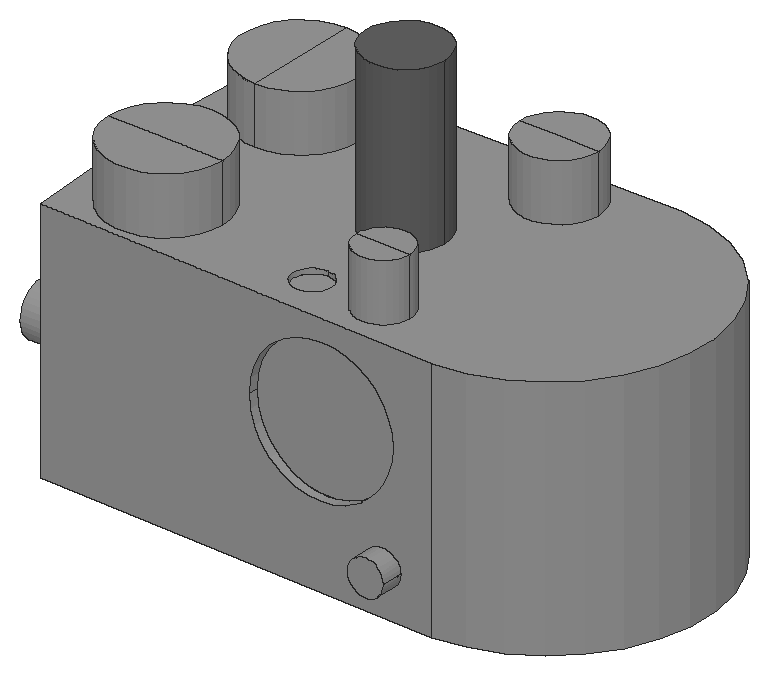
Revit family "BIM_Model_Sanimat_1000_50_D", category Mechanical Equipment, Revit 2018
Family settings
  Round Connector Dimension = Use Radius
  Part Type = Normal
  Work Plane-Based = No
  Always vertical = Yes
  Cut with Voids When Loaded = No
  Shared = No
  Room Calculation Point = No
Parameters (values of type "Sanimat 1000 D")
  Weight (Kg) = "55"
  Volute = Polyethylene
  Vent/Inflow DN 70 = 70 mm / 2  # 35 mm
  Tank Material = Polyethylene
  Speed (r/min) = 1450
  Rotor Shaft = Stainless steel 1.4021 (AISI 420)
  Rated Voltage (V) = "400 3~"
  Rated Current (A) = "3.5"
  Product Specification Link = "http://www.sulzer.com/en/Products-and-Services/Pumps-and-Systems/Lifting-Stations/Lifting-Stations-Wastewater-with-toilet-waste/Lifting-Station-Type-ABS-Sanimat-1000"
  Motor Power (kW) = "P1=1.77 P2=1.40"
  Motor Housing = Cast Iron EN-GJL-250
  Model = "Lifting Station Type ABS Sanimat 1000"
  Manufacturer = "Sulzer"
  Inflow/Hand Membrane Pump DN 40 = 40 mm / 2  # 20 mm
  Inflow DN 70 = 70 mm / 2  # 35 mm
  Inflow DN 150 = 150 mm / 2  # 75 mm
  Inflow DN 100 (with blanking plate fitted) = 100 mm / 2  # 50 mm
  Inflow DN 100 (with adaptor fitted) = 100 mm / 2  # 50 mm
  Inflow DN 100 = 100 mm / 2  # 50 mm
  Impeller = Cast Iron EN-GJL-250
  Head (m) = 9 mm
  Flexible Connector = 100 mm / 2  # 50 mm
  Discharge Flange DN 80 = 80 mm / 2  # 40 mm
  Discharge Connection = "Sleeve 4'' DN 100"
  Description = "Flood-Proof, Single Lifting Station, for the removal of wastewater and sewage from areas below the sewer level in accordance with EN12050-1"
  DN 100 Inflow Adapter = 100 mm / 2  # 50 mm
  Capacity (m3/hr) = 56.00 m³
  Cable Length (m) = "4 + 1.5"
  Assembly Code = ""
Reference planes
  plane 1 "Center (Front/Back)": y = 0
  plane 2: z = 0
  plane 3 "Center (Left/Right)": x = 0
  plane 4: z = 423
  plane 5: z = 188
  plane 6: z = 194
  plane 7: z = 295
  plane 8: y = -118
  plane 9: y = -154.114
  plane 10: y = 154.114
  plane 11: y = -210
  plane 12: y = 250
  plane 13: y = -250
  plane 14: y = 210
  plane 15: y = 160
  plane 16: x = -240.961
  plane 17: z = 207
  plane 18: z = 255
  plane 19: z = 343
  plane 20: x = -7
  plane 21: y = -175
  plane 22: z = 572.5
Forms (mm)
  Extrusion 1, solid, material "Polyethylene" <- "Tank Material"
    sketch origin (0, 0, 0) x (1, 0, 0) y (0, 1, 0)
      loop
        arc (211.285, -218.181) -> (418.472, 0) -> (211.285, 218.181) r 218.472
        arc (211.285, 218.181) -> (-67.049, 222.368) -> (-344.942, 206.168) r 3800
        arc (-344.942, 206.168) -> (-358.28, 0) -> (-344.942, -206.168) r 1600
        arc (-344.942, -206.168) -> (-67.049, -222.368) -> (211.285, -218.181) r 3800
    from 0 to 343
  Revolve 2, solid, material "Polyethylene" <- "Tank Material"
    sketch origin (-499.103, -118, 1200) x (-1, 0, 0) y (0, 0, 1)
      loop
        line (-178.142, -905) -> (-178.142, -777) -> (-258.142, -777) -> (-258.142, -905) -> (-178.142, -905)
      axis (-258.142, -905) -> (-258.142, -777)
    angle from 0 to 360
  Revolve 3, solid, material "Polyethylene" <- "Tank Material"
    sketch origin (-511.103, -154.114, 1200) x (-1, 0, 0) y (0, 0, 1)
      loop
        line (-603.142, -777) -> (-603.142, -864.029) -> (-565.642, -864.029) -> (-565.642, -777) -> (-603.142, -777)
      axis (-603.142, -864.029) -> (-603.142, -777)
    angle from 0 to 360
  Revolve 4, solid, material "Polyethylene" <- "Tank Material"
    sketch origin (-496.103, 154.114, 1200) x (-1, 0, 0) y (0, 0, 1)
      loop
        line (-643.142, -777) -> (-643.142, -866.075) -> (-588.142, -866.075) -> (-588.142, -777) -> (-643.142, -777)
      axis (-588.142, -866.075) -> (-588.142, -777)
    angle from 0 to 360
  Extrusion 5, void
    sketch origin (-460.529, -210, 1200) x (1, 0, 0) y (0, 0, 1)
      loop
        circle (520.288, -980) r 100
    from 0 to 58.053
  Extrusion 6, solid, material "Polyethylene" <- "Tank Material"
    sketch origin (0, 0, 0) x (1, 0, 0) y (0, 0, 1)
      loop
        circle (144.039, 65) r 25
    from -250 to 250
  Extrusion 7, void
    sketch origin (-634.349, 210, 1200) x (1, 0, 0) y (0, 0, 1)
      loop
        circle (694.108, -980) r 100
    from 0 to -40
  Revolve 8, solid, material "Polyethylene" <- "Tank Material"
    sketch origin (0, 160, 460.228) x (0, 0, 1) y (-1, 0, 0)
      loop
        line (-242.728, 314) -> (-242.728, 380.961) -> (-280.228, 380.961) -> (-280.228, 314) -> (-242.728, 314)
      axis (-280.228, 380.961) -> (-280.228, 314)
    angle from 0 to 360
  Revolve 9, solid, material "Polyethylene" <- "Tank Material"
    sketch origin (0, -160, 460.228) x (0, 0, 1) y (1, 0, 0)
      loop
        line (-242.728, -314) -> (-280.228, -314) -> (-280.228, -380.961) -> (-242.728, -380.961) -> (-242.728, -314)
      axis (-280.228, -380.961) -> (-280.228, -314)
    angle from 0 to 360
  Revolve 10, solid, material "Polyethylene" <- "Tank Material"
    sketch origin (-240.961, 252.832, 1200) x (0, 1, 0) y (0, 0, 1)
      loop
        line (-134.832, -898) -> (-134.832, -777.313) -> (-214.832, -777.313) -> (-214.832, -898) -> (-134.832, -898)
      axis (-134.832, -898) -> (-134.832, -777.313)
    angle from 0 to 360
  Extrusion 11, solid, material "Connection Material"
    sketch origin (0, 0, 0) x (1, 0, 0) y (0, 1, 0)
      loop
        circle (0, 0) r 55
    from 343 to 572.5
  Extrusion 12, void
    sketch origin (-434.251, -1524, 343) x (0, -1, 0) y (-1, 0, 0)
      loop
        circle (-1369.886, -427.251) r 27
    from 0 to 7.029
Cuts and joins
  Extrusion 5, Extrusion 7, Extrusion 12 cuts Extrusion 1
  Extrusion 12 cuts Revolve 2
  Extrusion 12 cuts Revolve 3
  Extrusion 12 cuts Revolve 4
  Extrusion 12 cuts Extrusion 6
  Extrusion 12 cuts Revolve 8
  Extrusion 12 cuts Revolve 9
  Extrusion 12 cuts Revolve 10
  joined: Extrusion 1, Revolve 2, Revolve 3, Revolve 4, Extrusion 6, Revolve 8, Revolve 9, Revolve 10
Dimensions and locks
  plane 4 to level = 423 mm
  plane 5 to plane 2 = 188 mm
  plane 6 to plane 5 = 6 mm
  plane 7 to plane 2 = 295 mm
  plane 11 to plane 1 "Center (Front/Back)" = 210 mm
  equal spacing: plane 12, plane 1 "Center (Front/Back)", plane 13
  plane 12 to plane 13 = 500 mm
  plane 14 to plane 1 "Center (Front/Back)" = 210 mm
  plane 17 to plane 6 = 13 mm
  plane 2 to plane 18 = 255 mm
  plane 19 to plane 2 = 343 mm
  plane 20 to plane 3 "Center (Left/Right)" = 7 mm
  plane 21 to plane 1 "Center (Front/Back)" = 175 mm
  locked: plane 22 to plane 2 at 572.5
  aligned and locked: level to plane 2
  aligned and locked: Revolve 2 sketch curve to plane 4
  aligned and locked: plane 12 to Extrusion 6
  aligned and locked: Extrusion 6 to plane 13
  aligned and locked: plane 22 to Extrusion 11
  aligned: Extrusion 11 to level
  aligned and locked: Extrusion 11 to Extrusion 1
  aligned and locked: Extrusion 12 to Revolve 3
  aligned and locked: plane 19 to Extrusion 1
Automatic sketch dimensions
  Revolve 2 sketch curve to plane 4 = 0 mm
  Revolve 2 sketch curve to plane 16 = 0 mm  (x2)
  Revolve 2 sketch curve to plane 7 = 0 mm
  Revolve 2 sketch curve to Revolve 2 sketch curve = 30 mm
  Revolve 3 sketch curve to plane 4 = 0 mm  (x2)
  plane 3 "Center (Left/Right)" to Revolve 3 sketch curve = 92.039 mm
  Revolve 3 sketch curve to Revolve 3 sketch curve = 0 mm
  Revolve 3 sketch curve to Revolve 3 sketch curve = 37.5 mm
  plane 7 to Revolve 3 sketch curve = 40.971 mm
  Revolve 3 sketch curve to Revolve 3 sketch curve = 25 mm
  Revolve 4 sketch curve to plane 4 = 0 mm  (x2)
  plane 7 to Revolve 4 sketch curve = 38.925 mm
  plane 3 "Center (Left/Right)" to Revolve 4 sketch curve = 147.039 mm
  Revolve 4 sketch curve to Revolve 4 sketch curve = 55 mm
  Revolve 4 sketch curve to Revolve 4 sketch curve = 0 mm
  Revolve 4 sketch curve to Revolve 4 sketch curve = 35 mm
  plane 6 to Extrusion 5 sketch curve = 26 mm
  plane 3 "Center (Left/Right)" to Extrusion 5 sketch curve = 59.759 mm
  level to Extrusion 6 sketch curve = 65 mm
  plane 3 "Center (Left/Right)" to Extrusion 6 sketch curve = 144.039 mm
  plane 6 to Extrusion 7 sketch curve = 26 mm
  plane 3 "Center (Left/Right)" to Extrusion 7 sketch curve = 59.759 mm
  Revolve 8 sketch curve to plane 5 = 8 mm  (x2)
  Revolve 9 sketch curve to plane 5 = 8 mm  (x2)
  Revolve 9 sketch curve to Revolve 9 sketch curve = 66.961 mm
  Revolve 9 sketch curve to Revolve 9 sketch curve = 32.216 mm
  plane 7 to Revolve 10 sketch curve = 7 mm
  Revolve 10 sketch curve to plane 1 "Center (Front/Back)" = 38 mm
  Revolve 10 sketch curve to Revolve 10 sketch curve = 0 mm
  Revolve 10 sketch curve to plane 10 = 36.114 mm
  Revolve 10 sketch curve to Revolve 10 sketch curve = 1.313 mm
  Revolve 10 sketch curve to Revolve 10 sketch curve = 31.313 mm
  plane 17 to Revolve 9 sketch curve = 10.5 mm
  plane 17 to Revolve 8 sketch curve = 10.5 mm
  plane 19 to Revolve 10 sketch curve = 79.687 mm
  Revolve 2 sketch curve to plane 16 = 80 mm
  Revolve 8 sketch curve to plane 16 = 40.823 mm
  Revolve 8 sketch curve to Revolve 8 sketch curve = 0 mm
  Revolve 9 sketch curve to plane 16 = 140 mm
  Revolve 9 sketch curve to Revolve 9 sketch curve = 0 mm
  plane 1 "Center (Front/Back)" to Extrusion 11 sketch curve = 0 mm
  Extrusion 11 sketch curve to plane 3 "Center (Left/Right)" = 0 mm
  plane 1 "Center (Front/Back)" to Extrusion 1 sketch curve = 0 mm  (x2)
  plane 11 to Extrusion 1 sketch curve = 3.832 mm
  Extrusion 1 sketch curve to plane 14 = 3.832 mm
  Extrusion 1 sketch curve to plane 16 = 103.981 mm
  plane 3 "Center (Left/Right)" to Extrusion 1 sketch curve = 15 mm  (x2)
  plane 3 "Center (Left/Right)" to Extrusion 1 sketch curve = 200 mm
  Extrusion 1 sketch curve to plane 1 "Center (Front/Back)" = 218.181 mm
  Extrusion 1 sketch curve to plane 11 = 8.181 mm
  Extrusion 1 sketch curve to Extrusion 1 sketch curve = 0 mm
  Extrusion 1 sketch curve to Extrusion 1 sketch curve = 1041.72 mm
  Extrusion 12 sketch curve to plane 9 = 0 mm
  Extrusion 12 sketch curve to plane 20 = 0 mm
  Revolve 8 sketch curve to Revolve 8 sketch curve = 32.216 mm
  Revolve 8 sketch curve to Revolve 8 sketch curve = 66.961 mm
  radius of Extrusion 5 sketch curve = 100 mm
  radius of Extrusion 6 sketch curve = 25 mm
  radius of Extrusion 7 sketch curve = 100 mm
  radius of Extrusion 11 sketch curve = 55 mm
  radius of Extrusion 12 sketch curve = 27 mm
Connectors
  piping at (0, 0, 572.5), diameter 100, driven by "Flexible Connector"
    settings: on Extrusion 11, index 1, connector inside diameter 100 mm, connector length 0 mm, flow factor 0, pipe flow 0.0 L/s, pressure drop 0.0 Pa, fitting loss kfactor 0, connector angle 0.00°, fixture units 0, engagement length 0 mm, angle of deflection 0.00°, flow configuration 0, flow direction 0, fitting loss method 0, system type 29, joint type 0, gender type 0, connector reference index -1, connector utility 0, adjustable connector no, is connector primary yes, connector description "Flexible Connector"
  piping at (59.759, 210, 220), diameter 100, driven by "Inflow DN 100 (with adaptor fitted)"
    settings: on cut or joined group 1 (Extrusion 1, Revolve 2, Revolve 3, Revolve 4, Extrusion 5, Extrusion 6, Extrusion 7, Revolve 8, Revolve 9, Revolve 10, Extrusion 12), index 5, connector inside diameter 100 mm, connector length 0 mm, flow factor 0, pipe flow 0.0 L/s, pressure drop 0.0 Pa, fitting loss kfactor 0, connector angle 0.00°, fixture units 0, engagement length 0 mm, angle of deflection 0.00°, flow configuration 0, flow direction 0, fitting loss method 0, system type 29, joint type 0, gender type 0, connector reference index -1, connector utility 0, adjustable connector no, is connector primary no, connector description "Inflow DN 100\r\n(with adaptor fitted)"
  piping at (59.759, -210, 220), diameter 100, driven by "Inflow DN 100 (with blanking plate fitted)"
    settings: on cut or joined group 1, index 6, connector inside diameter 100 mm, connector length 0 mm, flow factor 0, pipe flow 0.0 L/s, pressure drop 0.0 Pa, fitting loss kfactor 0, connector angle 0.00°, fixture units 0, engagement length 0 mm, angle of deflection 0.00°, flow configuration 0, flow direction 0, fitting loss method 0, system type 29, joint type 0, gender type 0, connector reference index -1, connector utility 0, adjustable connector no, is connector primary no, connector description "Inflow DN 100\r\n(with blanking plate fitted)"
  piping at (-7, -154.114, 335.971), diameter 40, driven by "Inflow/Hand Membrane Pump DN 40"
    settings: on cut or joined group 1, index 7, connector inside diameter 40 mm, connector length 0 mm, flow factor 0, pipe flow 0.0 L/s, pressure drop 0.0 Pa, fitting loss kfactor 0, connector angle 0.00°, fixture units 0, engagement length 0 mm, angle of deflection 0.00°, flow configuration 0, flow direction 0, fitting loss method 0, system type 29, joint type 0, gender type 0, connector reference index -1, connector utility 0, adjustable connector no, is connector primary no, connector description "Inflow/Hand Membrane Pump DN 40"
  piping at (92.039, -154.114, 423), diameter 70, driven by "Vent/Inflow DN 70"
    settings: on cut or joined group 1, index 8, connector inside diameter 70 mm, connector length 0 mm, flow factor 0, pipe flow 0.0 L/s, pressure drop 0.0 Pa, fitting loss kfactor 0, connector angle 0.00°, fixture units 0, engagement length 0 mm, angle of deflection 0.00°, flow configuration 0, flow direction 0, fitting loss method 0, system type 29, joint type 0, gender type 0, connector reference index -1, connector utility 0, adjustable connector no, is connector primary no, connector description "Vent/Inflow DN 70"
  piping at (-240.961, -118, 423), diameter 150, driven by "Inflow DN 150"
    settings: on cut or joined group 1, index 9, connector inside diameter 150 mm, connector length 0 mm, flow factor 0, pipe flow 0.0 L/s, pressure drop 0.0 Pa, fitting loss kfactor 0, connector angle 0.00°, fixture units 0, engagement length 0 mm, angle of deflection 0.00°, flow configuration 0, flow direction 0, fitting loss method 0, system type 29, joint type 0, gender type 0, connector reference index -1, connector utility 0, adjustable connector no, is connector primary no, connector description "Inflow DN 150"
  piping at (92.039, 154.114, 423), diameter 100, driven by "Inflow DN 100"
    settings: on cut or joined group 1, index 10, connector inside diameter 100 mm, connector length 0 mm, flow factor 0, pipe flow 0.0 L/s, pressure drop 0.0 Pa, fitting loss kfactor 0, connector angle 0.00°, fixture units 0, engagement length 0 mm, angle of deflection 0.00°, flow configuration 0, flow direction 0, fitting loss method 0, system type 29, joint type 0, gender type 0, connector reference index -1, connector utility 0, adjustable connector no, is connector primary no, connector description "Inflow DN 100"
  piping at (-380.961, 160, 180), diameter 70, driven by "Inflow DN 70"
    settings: on cut or joined group 1, index 11, connector inside diameter 70 mm, connector length 0 mm, flow factor 0, pipe flow 0.0 L/s, pressure drop 0.0 Pa, fitting loss kfactor 0, connector angle 0.00°, fixture units 0, engagement length 0 mm, angle of deflection 0.00°, flow configuration 0, flow direction 0, fitting loss method 0, system type 29, joint type 0, gender type 0, connector reference index -1, connector utility 0, adjustable connector no, is connector primary no, connector description "Inflow DN 70"
  piping at (-380.961, -160, 180), diameter 70, driven by "Inflow DN 70"
    settings: on cut or joined group 1, index 12, connector inside diameter 70 mm, connector length 0 mm, flow factor 0, pipe flow 0.0 L/s, pressure drop 0.0 Pa, fitting loss kfactor 0, connector angle 0.00°, fixture units 0, engagement length 0 mm, angle of deflection 0.00°, flow configuration 0, flow direction 0, fitting loss method 0, system type 29, joint type 0, gender type 0, connector reference index -1, connector utility 0, adjustable connector no, is connector primary no, connector description "Inflow DN 70"
